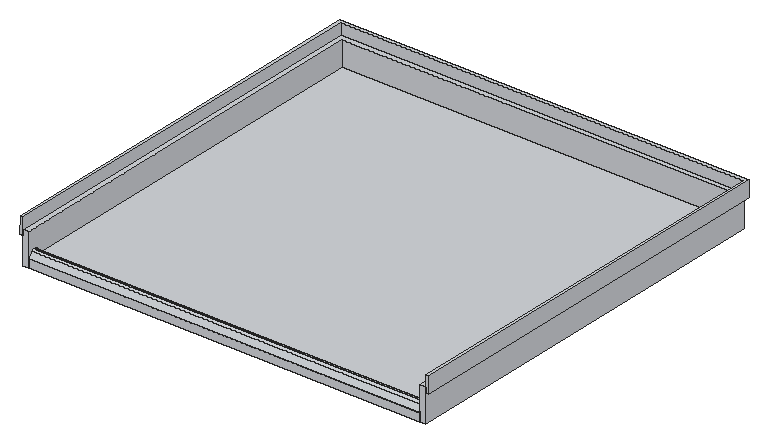
Revit family "Shower_Base-Willoughby AS-S3636ADA-R", category Plumbing Fixtures, Revit 2015
Parameters (values of type "Right Drain")
  Waste Connection = no
  Vent Connection = no
  URL = "https://www.willoughby-ind.com/wp-content/uploads/2018/02/AS-S3636ADA-Spec-Page.pdf"
  Revision = "A"
  Model = "AS-S3636ADA-R"
  Manufacturer = "Willoughby Industries"
  Location Drain = 2' - 5 3/4"
  HW Connection = no
  Drain Front Edge = 2' - 7 3/8"
  Description = "36\" X 36\" Shower Base, Rear Trench, Right Drain"
  Contact number = "(800) 428-4065"
  CW Connection = no
Reference planes (in)
  plane 1 "Center (Front/Back)": y = 0
  plane 2: z = 0
  plane 3 "Center (Left/Right)": x = 0
Forms (in)
  Extrusion 1, solid
    sketch origin (0, 0, 0) x (1, 0, 0) y (0, 1, 0)
      loop
        line (-18, 0) -> (-18, -18) -> (18, -18) -> (18, 18) -> (-18, 18) -> (-18, 0)
    from 0 to 0.75
  Extrusion 2, solid
    sketch origin (0, 0, 0) x (1, 0, 0) y (0, 1, 0)
      loop
        line (-18, -18) -> (-18, 18) -> (18, 18) -> (18, -18) -> (18.5, -18) -> (18.5, 18.5) -> (-18.5, 18.5) -> (-18.5, -18) -> (-18, -18)
    from 0 to 3
  Extrusion 3, solid
    sketch origin (0, 0, 0) x (1, 0, 0) y (0, 1, 0)
      loop
        line (-18.75, -18) -> (-18.5, -18) -> (-18.5, 18.5) -> (18.5, 18.5) -> (18.5, -18) -> (18.75, -18) -> (18.75, 18.75) -> (-18.75, 18.75) -> (-18.75, -18)
    from 2.5 to 4
  Extrusion 4, solid
    sketch origin (0, 0, 0) x (1, 0, 0) y (0, 1, 0)
      loop
        circle (11, 13.375) r 1
    from -1.5625 to 0
  Extrusion 5, solid
    sketch origin (0, 0, 0) x (0, 1, 0) y (0, 0, 1)
      loop
        line (-18, 0.75) -> (-16.875, 0.75) -> (-17.18771, 1.27118)
        arc (-17.18771, 1.27118) -> (-17.26968, 1.34416) -> (-17.375, 1.375) r 0.25
        line (-17.375, 1.375) -> (-17.5, 1.375)
        arc (-17.5, 1.375) -> (-17.60532, 1.34416) -> (-17.68729, 1.27118) r 0.25
        line (-17.68729, 1.27118) -> (-18, 0.75)
    from -18 to 18
Dimensions and locks (in)
  "Drain Front Edge": Extrusion 1 to Extrusion 4 sketch curve
  "Location Drain": Extrusion 3 to Extrusion 4 sketch curve
  aligned and locked: level to plane 2
Automatic sketch dimensions
  plane 1 "Center (Front/Back)" to Extrusion 1 sketch curve = 0' - 0"
  Extrusion 1 sketch curve to plane 3 "Center (Left/Right)" = 1' - 6"
  plane 3 "Center (Left/Right)" to Extrusion 1 sketch curve = 1' - 6"
  plane 1 "Center (Front/Back)" to Extrusion 1 sketch curve = 1' - 6"
  Extrusion 1 sketch curve to plane 1 "Center (Front/Back)" = 1' - 6"
  Extrusion 2 sketch curve to plane 3 "Center (Left/Right)" = 1' - 6 1/2"
  Extrusion 2 sketch curve to Extrusion 2 sketch curve = 0' - 0 1/2"  (x3)
  plane 3 "Center (Left/Right)" to Extrusion 2 sketch curve = 1' - 6"
  plane 1 "Center (Front/Back)" to Extrusion 2 sketch curve = 1' - 6"  (x2)
  Extrusion 2 sketch curve to plane 1 "Center (Front/Back)" = 1' - 6"
  Extrusion 3 sketch curve to plane 3 "Center (Left/Right)" = 1' - 6 3/4"
  Extrusion 3 sketch curve to Extrusion 3 sketch curve = 0' - 0 1/4"  (x3)
  plane 3 "Center (Left/Right)" to Extrusion 3 sketch curve = 1' - 6 1/2"
  plane 1 "Center (Front/Back)" to Extrusion 3 sketch curve = 1' - 6"  (x2)
  Extrusion 3 sketch curve to plane 1 "Center (Front/Back)" = 1' - 6 1/2"
  level to Extrusion 5 sketch curve = 0' - 0 3/4"
  plane 1 "Center (Front/Back)" to Extrusion 5 sketch curve = 1' - 6"
  level to Extrusion 5 sketch curve = 0' - 1.27118"  (x2)
  Extrusion 5 sketch curve to Extrusion 5 sketch curve = 0' - 0.31271"  (x2)
  Extrusion 5 sketch curve to Extrusion 5 sketch curve = 0' - 0.18729"  (x2)
  Extrusion 5 sketch curve to Extrusion 5 sketch curve = 0' - 0.20317"
  Extrusion 5 sketch curve to Extrusion 5 sketch curve = 0' - 0.09324"
  Extrusion 5 sketch curve to Extrusion 5 sketch curve = 0' - 0 1/8"
  Extrusion 5 sketch curve to Extrusion 5 sketch curve = 0' - 0.14568"
  radius of Extrusion 4 sketch curve = 0' - 1"
